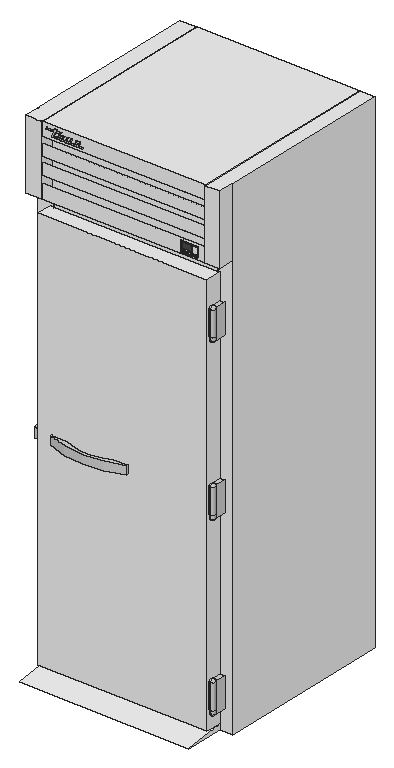
Revit family
Parameters
  Weight in Pounds = 0
  Watts = 2000 W
  Volts = 115 V
  URL Cutsheet = "www.truemfg.com"
  URL = "www.truemfg.com"
  Type Mark [instance] = ""
  Type Comments = ""
  Status [instance] = ""
  Specification by User [instance] = ""
  Specification by Manufacturer = ""
  Show Logo [instance] = yes
  Show Clearance [instance] = yes
  Serial Number = ""
  Seismic Rating = ""
  SMACNA No = ""
  Revision Code [instance] = ""
  Phase = 1
  Omniclass Number and Title = ""
  Number of Poles [instance] = 1
  NAFEM Spec ID Number = ""
  Model = "STG1HRI89-1S"
  Min Ckt Ampacity = 0 A
  Max Overcurrent Protection = 0 A
  Masterspec = ""
  Manufacturer = "TRUE FOOD SERVICE EQUIPMENT, INC."
  Length = 35"
  Item Number [instance] = ""
  Installed By [instance] = ""
  Identify Quantity as Lot [instance] = yes
  Height = 88 3/4"
  HP = ""
  Furnished By [instance] = ""
  Foodservice Equipment Identifier [instance] = yes
  FL Amps = Watts / Volts  # 17.3913 A
  Electrical Remarks [instance] = ""
  Electric Connection Type [instance] = ""
  Elec Conn RI Height [instance] = 0"
  Elec Conn Connection Height [instance] = 0"
  Description = "Reach-in Solid Swing Door Heated Cabinet"
  Depth = 34 3/4"
  Cycle = 60 Hz
  Conn Plug = "14-20P"
  Conn Conduit = yes
  CSI MasterFormat = ""
  CSI Master Format = ""
  Apparent Power = if(Phase = 3, Volts * FL Amps * 1.73, Volts * FL Amps)  # 2000 VA
Reference planes (in)
  plane 1 "BACK": y = 0
  plane 2: z = 0
  plane 3 "LEFT": x = 0
  plane 4 "RIGHT": x = 35
  plane 5 "FRONT": y = -34.75
  plane 6 "TOP": z = 88.75
  plane 7: x = 2.84375
  plane 8: y = -34.7042
  plane 9: x = 32.15625
  plane 10: z = 73.75
Forms (in)
  Extrusion 1, solid, material "QF_Finishes_Chrome - Satin"
    sketch origin (0.05, 0, 0) x (1, 0, 0) y (0, 1, 0)
      loop
        line (-0.05, 0) -> (-0.05, -32) -> (2.87859, -32) -> (2.87859, 0) -> (-0.05, 0)
    from 0 to 88.75
  Extrusion 2, solid, material "QF_Finishes_Chrome - Satin"
    sketch origin (50.15, 0, 0) x (1, 0, 0) y (0, 1, 0)
      loop
        line (-17.85, 0) -> (-17.85, -32) -> (-15.15, -32) -> (-15.15, 0) -> (-17.85, 0)
    from 0 to 88.75
  Extrusion 3, solid, material "QF_Finishes_Chrome - Satin"
    sketch origin (0, 0, 0) x (0, 1, 0) y (0, 0, 1)
      loop
        line (-34.7042, 76.28125) -> (-32, 76.28125) -> (-32, 0) -> (0, 0) -> (0, 88.75) -> (-34.7042, 88.75) -> (-34.7042, 86.40578) -> (-32.5, 84.83852) -> (-32.5, 83.71625) -> (-34.7042, 85.28351) -> (-34.7042, 83.1498) -> (-32.5, 81.58254) -> (-32.5, 80.62178) -> (-34.7042, 82.18904) -> (-34.7042, 80.09284) -> (-32.5, 78.52557) -> (-32.5, 77.25) -> (-34.7042, 78.81726) -> (-34.7042, 76.28125)
    from 2.92859 to 32.3
  Extrusion 4, solid, material "QF_Finishes_Chrome - Satin"
    sketch origin (0, 0, 0) x (1, 0, 0) y (0, 1, 0)
      loop
        line (34.84782, -32) -> (32.3, -32) -> (32.3, -34.75) -> (34.84782, -34.75) -> (34.84782, -32)
    from 76.28125 to 88.75
  Extrusion 5, solid, material "QF_Finishes_Chrome - Satin"
    sketch origin (-50.125, 0, 0.25) x (1, 0, 0) y (0, 1, 0)
      loop
        line (53.05359, -32) -> (50.24109, -32) -> (50.24109, -34.75) -> (53.05359, -34.75) -> (53.05359, -32)
    from 76.03125 to 88.5
  Extrusion 6, solid, material "QF_Finishes_Chrome - Satin"
    sketch origin (-24.96875, -1, -0.71875) x (1, 0, 0) y (0, 0, 1)
      loop
        line (27.25, 1.71875) -> (57.65625, 1.71875) -> (57.65625, 74.46875) -> (27.25, 74.46875) -> (27.25, 1.71875)
    from 31 to 33.75
  Extrusion 7, solid, material "QF_Finishes_Handrails and Railings"
    sketch origin (58.625, -0.25, 26.43519) x (1, 0, 0) y (0, 1, 0)
      loop
        line (-53.875, -34.5) -> (-53.875, -34.7)
        arc (-53.875, -34.7) -> (-47.075, -36.14405) -> (-40.275, -34.7) r 16.7325
        line (-40.275, -34.7) -> (-40.275, -34.5) -> (-42.675, -34.5)
        arc (-42.675, -34.5) -> (-47.075, -35.65816) -> (-51.475, -34.5) r 8.93715
        line (-51.475, -34.5) -> (-53.875, -34.5)
    from 10.87731 to 12.37731
  Extrusion 8, solid, material "QF_Finishes_Handrails and Railings"
    sketch origin (-23.375, 0, -2) x (1, 0, 0) y (0, 0, 1)
      loop
        circle (26.4375, 40.0625) r 0.35
      loop
        line (26.47265, 40.33635) -> (26.41715, 40.33635) -> (26.41715, 39.76895) -> (26.47265, 39.76895) -> (26.47265, 40.33635)
    from 33.5 to 33.83066
  Extrusion 9, solid, material "QF_Finishes_Handrails and Railings", visible <- "Show Logo"
    sketch origin (0.33478, 0.06376, 5.01857) x (1, 0, 0) y (0, 0, 1)
      loop
        line (3.46044, 83.08731) -> (3.35478, 82.86073) -> (4.76027, 82.86073)
        arc (4.76027, 82.86073) -> (4.78879, 82.81028) -> (4.76027, 82.75984) r 0.05887
        line (4.76027, 82.75984) -> (4.39369, 81.97372)
        arc (4.39369, 81.97372) -> (4.39051, 81.90091) -> (4.43975, 81.84717) r 0.09523
        line (4.43975, 81.84717) -> (5.33844, 81.84717)
        arc (5.33844, 81.84717) -> (5.45192, 81.88295) -> (5.52436, 81.97735) r 0.19785
        line (5.52436, 81.97735) -> (5.81285, 82.59601) -> (6.0779, 82.59601)
        arc (6.0779, 82.59601) -> (6.14744, 82.57043) -> (6.13737, 82.49703) r 0.05911
        line (6.13737, 82.49703) -> (5.89598, 81.97937)
        arc (5.89598, 81.97937) -> (5.89974, 81.8934) -> (5.97231, 81.84717) r 0.09318
        line (5.97231, 81.84717) -> (6.76198, 81.84717)
        arc (6.76198, 81.84717) -> (6.82249, 81.86919) -> (6.85468, 81.92495) r 0.09412
        arc (6.85468, 81.92495) -> (6.87746, 81.86995) -> (6.93246, 81.84717) r 0.07778
        line (6.93246, 81.84717) -> (7.43246, 81.84717)
        arc (7.43246, 81.84717) -> (7.49022, 81.86265) -> (7.53251, 81.90493) r 0.11552
        arc (7.53251, 81.90493) -> (7.55275, 81.85606) -> (7.60162, 81.83581) r 0.06912
        line (7.60162, 81.83581) -> (8.31225, 81.83581)
        arc (8.31225, 81.83581) -> (8.37034, 81.85988) -> (8.39441, 81.91797) r 0.08216
        arc (8.39441, 81.91797) -> (8.44767, 81.86472) -> (8.52042, 81.84522) r 0.14551
        line (8.52042, 81.84522) -> (9.85158, 81.84522) -> (9.99946, 82.10134) -> (8.65678, 82.10134)
        arc (8.65678, 82.10134) -> (8.61972, 82.12704) -> (8.61834, 82.17211) r 0.05009
        line (8.61834, 82.17211) -> (8.64157, 82.22192)
        arc (8.64157, 82.22192) -> (8.67723, 82.26864) -> (8.73327, 82.28635) r 0.09747
        line (8.73327, 82.28635) -> (9.16485, 82.28635)
        arc (9.16485, 82.28635) -> (9.258, 82.31131) -> (9.32619, 82.3795) r 0.1863
        line (9.32619, 82.3795) -> (9.45119, 82.59601)
        arc (9.45119, 82.59601) -> (9.45119, 82.71157) -> (9.35111, 82.76934) r 0.11556
        line (9.35111, 82.76934) -> (8.89562, 82.76934)
        arc (8.89562, 82.76934) -> (8.7795, 82.74962) -> (8.69849, 82.66412) r 0.18605
        line (8.69849, 82.66412) -> (8.48204, 82.19993)
        arc (8.48204, 82.19993) -> (8.41815, 82.11667) -> (8.31806, 82.08511) r 0.1745
        line (8.31806, 82.08511) -> (7.84559, 82.08511)
        arc (7.84559, 82.08511) -> (7.78903, 82.14684) -> (7.79268, 82.23048) r 0.10939
        line (7.79268, 82.23048) -> (8.04395, 82.76934) -> (7.88403, 82.76934) -> (7.61781, 82.19844)
        arc (7.61781, 82.19844) -> (7.56609, 82.13103) -> (7.48505, 82.10548) r 0.14128
        line (7.48505, 82.10548) -> (7.15925, 82.10548)
        arc (7.15925, 82.10548) -> (7.10419, 82.17723) -> (7.116, 82.26689) r 0.11816
        line (7.116, 82.26689) -> (7.3503, 82.76934) -> (7.18514, 82.76934) -> (6.91546, 82.191)
        arc (6.91546, 82.191) -> (6.85285, 82.12839) -> (6.76733, 82.10548) r 0.17104
        line (6.76733, 82.10548) -> (6.29555, 82.10548)
        arc (6.29555, 82.10548) -> (6.21082, 82.14499) -> (6.20267, 82.23813) r 0.0935
        line (6.20267, 82.23813) -> (6.35774, 82.57069) -> (6.57695, 82.57069)
        arc (6.57695, 82.57069) -> (6.61395, 82.68217) -> (6.69267, 82.76934) r 0.2857
        line (6.69267, 82.76934) -> (5.83605, 82.76934)
        arc (5.83605, 82.76934) -> (5.74086, 82.74824) -> (5.67498, 82.67635) r 0.16212
        line (5.67498, 82.67635) -> (5.44279, 82.17841)
        arc (5.44279, 82.17841) -> (5.3894, 82.12502) -> (5.31647, 82.10548) r 0.14586
        line (5.31647, 82.10548) -> (4.80506, 82.10548)
        arc (4.80506, 82.10548) -> (4.76514, 82.15942) -> (4.77274, 82.22609) r 0.09155
        line (4.77274, 82.22609) -> (5.11018, 82.86073) -> (5.96155, 82.86073) -> (6.06721, 83.08731) -> (5.21584, 83.08731) -> (5.32149, 83.31388) -> (5.01862, 83.31388) -> (4.91297, 83.08731) -> (3.46044, 83.08731)
      loop
        arc (8.83805, 82.56363) -> (8.80119, 82.55375) -> (8.7742, 82.52676) r 0.07373
        line (8.7742, 82.52676) -> (8.75229, 82.45936)
        arc (8.75229, 82.45936) -> (8.76245, 82.43483) -> (8.78699, 82.42466) r 0.0347
        line (8.78699, 82.42466) -> (9.15948, 82.42466)
        arc (9.15948, 82.42466) -> (9.18632, 82.43061) -> (9.20812, 82.44734) r 0.0635
        line (9.20812, 82.44734) -> (9.22624, 82.53122)
        arc (9.22624, 82.53122) -> (9.22091, 82.55368) -> (9.20009, 82.56363) r 0.02676
        line (9.20009, 82.56363) -> (8.83805, 82.56363)
    from 34.76797 to 34.83173
  Extrusion 10, solid, material "QF_Finishes_White"
    sketch origin (-22.74812, 0.0458, -7.98362) x (1, 0, 0) y (0, 0, 1)
      loop
        line (50.81732, 86.35727) -> (50.81732, 84.60996) -> (53.72357, 84.60996) -> (53.72357, 86.35727) -> (50.81732, 86.35727)
    from 34.75 to 34.76797
  Extrusion 11, solid, material "QF_Finishes_Black"
    sketch origin (-22.74812, 0.0458, -7.98362) x (1, 0, 0) y (0, 0, 1)
      loop
        line (53.78607, 86.41977) -> (50.75482, 86.41977) -> (50.75482, 84.54746) -> (53.78607, 84.54746) -> (53.78607, 86.41977)
      loop
        spline (50.95482, 84.87872) -> (50.96333, 84.86254) -> (50.98831, 84.84747) -> (51.02804, 84.83452) -> (51.07982, 84.82459) -> (51.14011, 84.81835) -> (51.20482, 84.81622) -> (51.26952, 84.81835) -> (51.32982, 84.82459) -> (51.38159, 84.83452) -> (51.42132, 84.84747) -> (51.4463, 84.86254) -> (51.45482, 84.87872)
        spline (51.45482, 84.87872) -> (51.4463, 84.89489) -> (51.42132, 84.90997) -> (51.38159, 84.92291) -> (51.32982, 84.93284) -> (51.26952, 84.93909) -> (51.20482, 84.94122) -> (51.14011, 84.93909) -> (51.07982, 84.93284) -> (51.02804, 84.92291) -> (50.98831, 84.90997) -> (50.96333, 84.89489) -> (50.95482, 84.87872)
      loop
        spline (51.65083, 84.87872) -> (51.65935, 84.86254) -> (51.68432, 84.84747) -> (51.72405, 84.83452) -> (51.77583, 84.82459) -> (51.83612, 84.81835) -> (51.90083, 84.81622) -> (51.96553, 84.81835) -> (52.02583, 84.82459) -> (52.07761, 84.83452) -> (52.11734, 84.84747) -> (52.14231, 84.86254) -> (52.15083, 84.87872)
        spline (52.15083, 84.87872) -> (52.14231, 84.89489) -> (52.11734, 84.90997) -> (52.07761, 84.92291) -> (52.02583, 84.93284) -> (51.96553, 84.93909) -> (51.90083, 84.94122) -> (51.83612, 84.93909) -> (51.77583, 84.93284) -> (51.72405, 84.92291) -> (51.68432, 84.90997) -> (51.65935, 84.89489) -> (51.65083, 84.87872)
      loop
        spline (52.40083, 84.87872) -> (52.40935, 84.86254) -> (52.43432, 84.84747) -> (52.47405, 84.83452) -> (52.52583, 84.82459) -> (52.58612, 84.81835) -> (52.65083, 84.81622) -> (52.71553, 84.81835) -> (52.77583, 84.82459) -> (52.82761, 84.83452) -> (52.86734, 84.84747) -> (52.89231, 84.86254) -> (52.90083, 84.87872)
        spline (52.90083, 84.87872) -> (52.89231, 84.89489) -> (52.86734, 84.90997) -> (52.82761, 84.92291) -> (52.77583, 84.93284) -> (52.71553, 84.93909) -> (52.65083, 84.94122) -> (52.58612, 84.93909) -> (52.52583, 84.93284) -> (52.47405, 84.92291) -> (52.43432, 84.90997) -> (52.40935, 84.89489) -> (52.40083, 84.87872)
      loop
        line (50.95481, 86.21978) -> (50.95481, 85.21978) -> (52.65433, 85.21978) -> (52.65433, 86.21978) -> (50.95481, 86.21978)
      loop
        line (53.72357, 86.35727) -> (50.81732, 86.35727) -> (50.81732, 84.60996) -> (53.72357, 84.60996) -> (53.72357, 86.35727)
      loop
        spline (53.15083, 84.87872) -> (53.15935, 84.86254) -> (53.18432, 84.84747) -> (53.22405, 84.83452) -> (53.27583, 84.82459) -> (53.33612, 84.81835) -> (53.40083, 84.81622) -> (53.46553, 84.81835) -> (53.52583, 84.82459) -> (53.57761, 84.83452) -> (53.61734, 84.84747) -> (53.64231, 84.86254) -> (53.65083, 84.87872)
        spline (53.65083, 84.87872) -> (53.64231, 84.89489) -> (53.61734, 84.90997) -> (53.57761, 84.92291) -> (53.52583, 84.93284) -> (53.46553, 84.93909) -> (53.40083, 84.94122) -> (53.33612, 84.93909) -> (53.27583, 84.93284) -> (53.22405, 84.92291) -> (53.18432, 84.90997) -> (53.15935, 84.89489) -> (53.15083, 84.87872)
    from 34.76797 to 34.80335
  Extrusion 12, solid
    sketch origin (-25.125, 0, 0) x (1, 0, 0) y (0, 0, 1)
      loop
        circle (56.875, 86.625) r 0.25
    from 0 to 0.0625
  Blend 13, solid, material "QF_Finishes_Handrails and Railings"
    base sketch origin (27.53125, -1, 0) x (-1, 0, 0) y (0, 0, -1)
      loop
        line (25.25, -38.99169) -> (26, -38.99169) -> (26, -37.24169) -> (25.25, -37.24169) -> (25.25, -38.99169)
    top sketch origin (27.53125, 0, 0) x (-1, 0, 0) y (0, 0, -1)
      loop
        line (26.18223, -36.6441) -> (25.25, -36.6441) -> (25.25, -39.42643) -> (26.18223, -39.42643) -> (26.18223, -36.6441)
    from 33.57883 to 32
  Extrusion 14, solid, material "QF_Finishes_Handrails and Railings"
    sketch origin (33.78125, 0, 0) x (0, 1, 0) y (0, 0, -1)
      loop
        line (-32, -69.17729) -> (-32, -63.86127) -> (-34.25, -63.86127) -> (-34.25, -64.57348) -> (-33.81497, -64.57348) -> (-33.81497, -68.97276)
        arc (-33.81497, -68.97276) -> (-33.75506, -69.11738) -> (-33.61044, -69.17729) r 0.20453
        line (-33.61044, -69.17729) -> (-32, -69.17729)
    from 0.17506 to 1
  Revolve 15, solid, material "QF_Finishes_Handrails and Railings"
    sketch origin (33.28125, 0, 0) x (0, 1, 0) y (0, 0, -1)
      loop
        line (-34.26563, -64.62689) -> (-34.67229, -64.62689) -> (-34.67229, -69.0986)
        arc (-34.67229, -69.0986) -> (-34.53722, -69.35057) -> (-34.26563, -69.43983) r 0.3848
        line (-34.26563, -69.43983) -> (-34.26563, -64.62689)
      loop
        line (-34.26563, -64.57348) -> (-34.26563, -63.67281)
        arc (-34.26563, -63.67281) -> (-34.53264, -63.75883) -> (-34.67229, -64.00212) r 0.38884
        line (-34.67229, -64.00212) -> (-34.67229, -64.57348) -> (-34.26563, -64.57348)
      axis (-34.26563, -63.67281) -> (-34.26563, -69.43983)
    angle from 0 to 360
  Extrusion 16, solid, material "QF_Finishes_Handrails and Railings"
    sketch origin (27.5, -1.07734, 0.0011) x (-1, 0, 0) y (0, 0, -1)
      loop
        line (-5.58509, -69.0986) -> (-5.1875, -69.0986) -> (-5.1875, -64.62579) -> (-5.58509, -64.62579) -> (-5.58509, -69.0986)
    from 32.81497 to 33.59495
  Extrusion 17, solid, material "QF_Finishes_Handrails and Railings"
    sketch origin (33.78125, 0, -24) x (0, 1, 0) y (0, 0, -1)
      loop
        line (-32, -64.55229) -> (-32, -59.23627) -> (-34.25, -59.23627) -> (-34.25, -59.94848) -> (-33.81497, -59.94848) -> (-33.81497, -64.34776)
        arc (-33.81497, -64.34776) -> (-33.75506, -64.49238) -> (-33.61044, -64.55229) r 0.20453
        line (-33.61044, -64.55229) -> (-32, -64.55229)
    from 0.17506 to 1
  Revolve 18, solid, material "QF_Finishes_Handrails and Railings"
    sketch origin (33.28125, 0, -24) x (0, 1, 0) y (0, 0, -1)
      loop
        line (-34.26563, -60.00189) -> (-34.67229, -60.00189) -> (-34.67229, -64.4736)
        arc (-34.67229, -64.4736) -> (-34.53722, -64.72557) -> (-34.26563, -64.81483) r 0.3848
        line (-34.26563, -64.81483) -> (-34.26563, -60.00189)
      loop
        line (-34.26563, -59.94848) -> (-34.26563, -59.04781)
        arc (-34.26563, -59.04781) -> (-34.53264, -59.13383) -> (-34.67229, -59.37712) r 0.38884
        line (-34.67229, -59.37712) -> (-34.67229, -59.94848) -> (-34.26563, -59.94848)
      axis (-34.26563, -59.04781) -> (-34.26563, -64.81483)
    angle from 0 to 360
  Extrusion 19, solid, material "QF_Finishes_Handrails and Railings"
    sketch origin (27.5, -1.07734, -23.9989) x (-1, 0, 0) y (0, 0, -1)
      loop
        line (-5.58509, -64.4736) -> (-5.1875, -64.4736) -> (-5.1875, -60.00079) -> (-5.58509, -60.00079) -> (-5.58509, -64.4736)
    from 32.81497 to 33.59495
  Extrusion 20, solid, material "QF_Finishes_Handrails and Railings"
    sketch origin (33.78125, 0, -55.5) x (0, 1, 0) y (0, 0, -1)
      loop
        line (-32, -64.55229) -> (-32, -59.23627) -> (-34.25, -59.23627) -> (-34.25, -59.94848) -> (-33.81497, -59.94848) -> (-33.81497, -64.34776)
        arc (-33.81497, -64.34776) -> (-33.75506, -64.49238) -> (-33.61044, -64.55229) r 0.20453
        line (-33.61044, -64.55229) -> (-32, -64.55229)
    from 0.17506 to 1
  Revolve 21, solid, material "QF_Finishes_Handrails and Railings"
    sketch origin (33.28125, 0, -55.5) x (0, 1, 0) y (0, 0, -1)
      loop
        line (-34.26563, -60.00189) -> (-34.67229, -60.00189) -> (-34.67229, -64.4736)
        arc (-34.67229, -64.4736) -> (-34.53722, -64.72557) -> (-34.26563, -64.81483) r 0.3848
        line (-34.26563, -64.81483) -> (-34.26563, -60.00189)
      loop
        line (-34.26563, -59.94848) -> (-34.26563, -59.04781)
        arc (-34.26563, -59.04781) -> (-34.53264, -59.13383) -> (-34.67229, -59.37712) r 0.38884
        line (-34.67229, -59.37712) -> (-34.67229, -59.94848) -> (-34.26563, -59.94848)
      axis (-34.26563, -59.04781) -> (-34.26563, -64.81483)
    angle from 0 to 360
  Extrusion 22, solid, material "QF_Finishes_Handrails and Railings"
    sketch origin (27.5, -1.07734, -55.4989) x (-1, 0, 0) y (0, 0, -1)
      loop
        line (-5.58509, -64.4736) -> (-5.1875, -64.4736) -> (-5.1875, -60.00079) -> (-5.58509, -60.00079) -> (-5.58509, -64.4736)
    from 32.81497 to 33.59495
  Extrusion 23, solid, material "QF_Finishes_Door Clearance", visible <- "Show Clearance", detail levels coarse
    sketch origin (26.42841, -3.6098, 0) x (1, 0, 0) y (0, 1, 0)
      loop
        line (6.32159, -31.1402) -> (-24.14716, -31.1402)
        arc (-24.14716, -31.1402) -> (-15.22307, -52.68486) -> (6.32159, -61.60895) r 30.46875
        line (6.32159, -61.60895) -> (6.32159, -31.1402)
    from 1 to 73.75
  Extrusion 24, solid, material "QF_Finishes_Chrome - Satin"
    sketch origin (32.6875, -1, 1) x (0, 0, 1) y (0, -1, 0)
      loop
        line (-1, 37.875) -> (-1, 31) -> (0, 31) -> (-1, 37.875)
    from 0 to -30.40625
Cuts and joins
  joined: Extrusion 1, Extrusion 2, Extrusion 4, Extrusion 5
Lines and regions (in)
  symbolic lines
    curve 1: line (0, 0, 0) -> (35, 0, 0)
    curve 2: line (0, -34.75, 0) -> (0, 0, 0)
    curve 3: line (35, -34.75, 0) -> (0, -34.75, 0)
    curve 4: line (35, 0, 0) -> (35, -34.75, 0)
    curve 5: line (35, -32.5, 0) -> (0, -32.5, 0)
    curve 6: arc (15.95746, -34.75, 0) -> (11.55746, -35.90816, 0) -> (7.15746, -34.75, 0) r 8.93715
    curve 7: arc (4.75746, -34.95, 0) -> (11.55746, -36.39405, 0) -> (18.35746, -34.95, 0) r 16.7325
    curve 8: line (4.75746, -34.75, 0) -> (4.75746, -34.95, 0)
    curve 9: line (18.35746, -34.95, 0) -> (18.35746, -34.75, 0)
  symbolic lines, style "QF-Door Swings", visible <- "Show Clearance", detail levels coarse
    curve 10: line (32.75, -34.75, 0) -> (32.75, -65.21875, 0)
    curve 11: arc (32.75, -65.21875, 0) -> (11.20534, -56.29466, 0) -> (2.28125, -34.75, 0) r 30.46875
Dimensions and locks (in)
  "Depth": plane 5 "FRONT" to plane 1 "BACK"
  "Height": plane 6 "TOP" to level
  Extrusion 6 sketch curve to Extrusion 6 sketch curve = 30 13/32"
  Extrusion 6 to plane 1 "BACK" = 34 3/4"
  "Length": plane 3 "LEFT" to plane 4 "RIGHT"
  plane 4 "RIGHT" to plane 3 "LEFT" = 35"
  plane 10 to level = 73 3/4"
  aligned and locked: level to plane 2
  aligned and locked: plane 6 "TOP" to cut or joined group of Extrusion 1, Extrusion 2, Extrusion 4, Extrusion 5
Automatic sketch dimensions
  Extrusion 1 sketch curve to plane 3 "LEFT" = 0"
  plane 1 "BACK" to Extrusion 1 sketch curve = 0"
  Extrusion 1 sketch curve to Extrusion 1 sketch curve = 2.92859"
  Extrusion 1 sketch curve to plane 5 "FRONT" = 2 3/4"
  plane 1 "BACK" to Extrusion 2 sketch curve = 0"
  Extrusion 2 sketch curve to plane 4 "RIGHT" = 0"
  Extrusion 2 sketch curve to plane 5 "FRONT" = 2 3/4"
  plane 5 "FRONT" to Extrusion 4 sketch curve = 0"
  Extrusion 4 sketch curve to plane 4 "RIGHT" = 0.15218"
  Extrusion 4 sketch curve to plane 5 "FRONT" = 2 3/4"
  plane 5 "FRONT" to Extrusion 5 sketch curve = 0"
  plane 3 "LEFT" to Extrusion 5 sketch curve = 0.11609"
  Extrusion 5 sketch curve to Extrusion 5 sketch curve = 2 13/16"
  Extrusion 5 sketch curve to plane 5 "FRONT" = 2 3/4"
  plane 5 "FRONT" to Extrusion 7 sketch curve = 0"  (x2)
  Extrusion 7 sketch curve to Extrusion 7 sketch curve = 2.4"  (x2)
  Extrusion 7 sketch curve to Extrusion 7 sketch curve = 4.4"
  Extrusion 7 sketch curve to Extrusion 7 sketch curve = 0"
  Extrusion 7 sketch curve to Extrusion 7 sketch curve = 0.2"
  Extrusion 7 sketch curve to plane 5 "FRONT" = 7.77899"
  Extrusion 7 sketch curve to Extrusion 7 sketch curve = 7.30945"
  Extrusion 8 sketch curve to Extrusion 8 sketch curve = 0.02035"
  Extrusion 8 sketch curve to Extrusion 8 sketch curve = 0.0555"
  Extrusion 8 sketch curve to Extrusion 8 sketch curve = 0.29355"
  Extrusion 8 sketch curve to Extrusion 8 sketch curve = 0.27385"
  plane 3 "LEFT" to Extrusion 9 sketch curve = 3.68957"
  Extrusion 9 sketch curve to Extrusion 9 sketch curve = 0.10565"  (x5)
  Extrusion 9 sketch curve to Extrusion 9 sketch curve = 1.03891"
  Extrusion 9 sketch curve to Extrusion 9 sketch curve = 0.04606"
  Extrusion 9 sketch curve to Extrusion 9 sketch curve = 0.04025"
  Extrusion 9 sketch curve to Extrusion 9 sketch curve = 0.33624"
  Extrusion 9 sketch curve to Extrusion 9 sketch curve = 0.03034"  (x2)
  Extrusion 9 sketch curve to Extrusion 9 sketch curve = 0.29274"
  Extrusion 9 sketch curve to Extrusion 9 sketch curve = 0.03232"
  Extrusion 9 sketch curve to Extrusion 9 sketch curve = 0.08083"
  Extrusion 9 sketch curve to Extrusion 9 sketch curve = 0.1527"
  Extrusion 9 sketch curve to Extrusion 9 sketch curve = 0.19721"
  Extrusion 9 sketch curve to Extrusion 9 sketch curve = 0.4629"
  Extrusion 9 sketch curve to Extrusion 9 sketch curve = 0.02197"
  Extrusion 9 sketch curve to Extrusion 9 sketch curve = 0.12632"
  Extrusion 9 sketch curve to Extrusion 9 sketch curve = 0.18591"
  Extrusion 9 sketch curve to Extrusion 9 sketch curve = 0.2322"
  Extrusion 9 sketch curve to Extrusion 9 sketch curve = 0.13786"
  Extrusion 9 sketch curve to Extrusion 9 sketch curve = 0.00907"
  Extrusion 9 sketch curve to Extrusion 9 sketch curve = 0.01413"
  Extrusion 9 sketch curve to Extrusion 9 sketch curve = 0.37162"
  Extrusion 9 sketch curve to Extrusion 9 sketch curve = 0.12551"
  Extrusion 9 sketch curve to Extrusion 9 sketch curve = 0.07633"
  Extrusion 9 sketch curve to Extrusion 9 sketch curve = 0.08445"
  Extrusion 9 sketch curve to Extrusion 9 sketch curve = 0.25598"
  Extrusion 9 sketch curve to Extrusion 9 sketch curve = 0.01887"
  Extrusion 9 sketch curve to Extrusion 9 sketch curve = 0.04061"
  Extrusion 9 sketch curve to Extrusion 9 sketch curve = 0.0653"
  Extrusion 9 sketch curve to Extrusion 9 sketch curve = 0.08474"
  Extrusion 9 sketch curve to Extrusion 9 sketch curve = 0.00815"
  Extrusion 9 sketch curve to Extrusion 9 sketch curve = 0.22037"
  Extrusion 9 sketch curve to Extrusion 9 sketch curve = 0.21921"
  Extrusion 9 sketch curve to Extrusion 9 sketch curve = 0.11572"
  Extrusion 9 sketch curve to Extrusion 9 sketch curve = 0.46643"
  Extrusion 9 sketch curve to Extrusion 9 sketch curve = 0.00535"
  Extrusion 9 sketch curve to Extrusion 9 sketch curve = 0.09269"
  Extrusion 9 sketch curve to Extrusion 9 sketch curve = 0.09348"
  Extrusion 9 sketch curve to Extrusion 9 sketch curve = 0.14812"
  Extrusion 9 sketch curve to Extrusion 9 sketch curve = 0.07778"  (x3)
  Extrusion 9 sketch curve to Extrusion 9 sketch curve = 0.20054"
  Extrusion 9 sketch curve to Extrusion 9 sketch curve = 0.04325"
  Extrusion 9 sketch curve to Extrusion 9 sketch curve = 0.32433"
  Extrusion 9 sketch curve to Extrusion 9 sketch curve = 0.10233"  (x2)
  Extrusion 9 sketch curve to Extrusion 9 sketch curve = 0.16515"
  Extrusion 9 sketch curve to Extrusion 9 sketch curve = 0.27321"
  Extrusion 9 sketch curve to Extrusion 9 sketch curve = 0.0526"
  Extrusion 9 sketch curve to Extrusion 9 sketch curve = 0.10005"
  Extrusion 9 sketch curve to Extrusion 9 sketch curve = 0.06912"
  Extrusion 9 sketch curve to Extrusion 9 sketch curve = 0.13276"
  Extrusion 9 sketch curve to Extrusion 9 sketch curve = 0.17486"
  Extrusion 9 sketch curve to Extrusion 9 sketch curve = 0.05291"
  Extrusion 9 sketch curve to Extrusion 9 sketch curve = 0.53374"
  Extrusion 9 sketch curve to Extrusion 9 sketch curve = 0.09914"  (x2)
  Extrusion 9 sketch curve to Extrusion 9 sketch curve = 0.15992"
  Extrusion 9 sketch curve to Extrusion 9 sketch curve = 0.46666"
  Extrusion 9 sketch curve to Extrusion 9 sketch curve = 0.00582"
  Extrusion 9 sketch curve to Extrusion 9 sketch curve = 0.08216"
  Extrusion 9 sketch curve to Extrusion 9 sketch curve = 0.16397"
  Extrusion 9 sketch curve to Extrusion 9 sketch curve = 0.12601"
  Extrusion 9 sketch curve to Extrusion 9 sketch curve = 0.1363"
  Extrusion 9 sketch curve to Extrusion 9 sketch curve = 0.02323"
  Extrusion 9 sketch curve to Extrusion 9 sketch curve = 0.03844"
  Extrusion 9 sketch curve to Extrusion 9 sketch curve = 0.0454"
  Extrusion 9 sketch curve to Extrusion 9 sketch curve = 0.05693"
  Extrusion 9 sketch curve to Extrusion 9 sketch curve = 0.0917"
  Extrusion 9 sketch curve to Extrusion 9 sketch curve = 0.01902"
  Extrusion 9 sketch curve to Extrusion 9 sketch curve = 0.02191"
  Extrusion 9 sketch curve to Extrusion 9 sketch curve = 0.0347"
  Extrusion 9 sketch curve to Extrusion 9 sketch curve = 0.06385"
  Extrusion 9 sketch curve to Extrusion 9 sketch curve = 0.02906"
  Extrusion 9 sketch curve to Extrusion 9 sketch curve = 0.02851"
  Extrusion 9 sketch curve to Extrusion 9 sketch curve = 0.29237"
  Extrusion 9 sketch curve to Extrusion 9 sketch curve = 0.00537"
  Extrusion 9 sketch curve to Extrusion 9 sketch curve = 0.0406"
  Extrusion 9 sketch curve to Extrusion 9 sketch curve = 0.04327"
  Extrusion 9 sketch curve to Extrusion 9 sketch curve = 0.02615"
  Extrusion 9 sketch curve to Extrusion 9 sketch curve = 0.11806"
  Extrusion 9 sketch curve to Extrusion 9 sketch curve = 0.15103"
  Extrusion 9 sketch curve to Extrusion 9 sketch curve = 0.10007"
  Extrusion 9 sketch curve to Extrusion 9 sketch curve = 0.5254"
  Extrusion 9 sketch curve to Extrusion 9 sketch curve = 0.14787"
  Extrusion 9 sketch curve to plane 6 "TOP" = 1.89562"
  Extrusion 9 sketch curve to Extrusion 9 sketch curve = 0.07275"
  Extrusion 9 sketch curve to Extrusion 9 sketch curve = 0.05776"
  Extrusion 9 sketch curve to Extrusion 9 sketch curve = 0.08631"
  Extrusion 9 sketch curve to Extrusion 9 sketch curve = 0.09282"
  Extrusion 9 sketch curve to Extrusion 9 sketch curve = 0.13018"
  Extrusion 9 sketch curve to Extrusion 9 sketch curve = 0.16714"
  Extrusion 9 sketch curve to Extrusion 9 sketch curve = 0.11061"
  Extrusion 9 sketch curve to Extrusion 9 sketch curve = 0.06046"
  Extrusion 9 sketch curve to Extrusion 9 sketch curve = 0.16548"
  Extrusion 9 sketch curve to Extrusion 9 sketch curve = 0.14279"
  Extrusion 9 sketch curve to Extrusion 9 sketch curve = 0.0496"
  Extrusion 9 sketch curve to Extrusion 9 sketch curve = 0.07293"
  Extrusion 9 sketch curve to Extrusion 9 sketch curve = 0.07764"
  Extrusion 9 sketch curve to Extrusion 9 sketch curve = 0.03794"
  Extrusion 9 sketch curve to Extrusion 9 sketch curve = 0.08552"
  Extrusion 9 sketch curve to Extrusion 9 sketch curve = 0.09296"
  Extrusion 9 sketch curve to Extrusion 9 sketch curve = 0.09314"
  Extrusion 9 sketch curve to Extrusion 9 sketch curve = 0.02781"
  Extrusion 9 sketch curve to Extrusion 9 sketch curve = 0.04981"
  Extrusion 9 sketch curve to Extrusion 9 sketch curve = 0.09315"
  Extrusion 9 sketch curve to Extrusion 9 sketch curve = 0.04799"
  Extrusion 9 sketch curve to Extrusion 9 sketch curve = 0.02531"
  Extrusion 9 sketch curve to Extrusion 9 sketch curve = 0.03054"
  Extrusion 9 sketch curve to Extrusion 9 sketch curve = 0.2589"
  Extrusion 9 sketch curve to Extrusion 9 sketch curve = 0.0674"
  Extrusion 9 sketch curve to Extrusion 9 sketch curve = 0.0324"
  Extrusion 9 sketch curve to Extrusion 9 sketch curve = 0.26185"
  Extrusion 9 sketch curve to Extrusion 9 sketch curve = 11/256"
  Extrusion 9 sketch curve to Extrusion 9 sketch curve = 0.07366"
  Extrusion 9 sketch curve to Extrusion 9 sketch curve = 0.02187"
  Extrusion 9 sketch curve to Extrusion 9 sketch curve = 0.06479"
  Extrusion 9 sketch curve to Extrusion 9 sketch curve = 0.01183"
  Extrusion 9 sketch curve to Extrusion 9 sketch curve = 0.05778"
  Extrusion 9 sketch curve to Extrusion 9 sketch curve = 0.53375"
  Extrusion 9 sketch curve to Extrusion 9 sketch curve = 0.23098"
  Extrusion 9 sketch curve to Extrusion 9 sketch curve = 0"
  Extrusion 9 sketch curve to Extrusion 9 sketch curve = 0.05045"
  Extrusion 9 sketch curve to Extrusion 9 sketch curve = 0.09139"
  Extrusion 9 sketch curve to Extrusion 9 sketch curve = 29/128"  (x3)
  Extrusion 12 sketch curve to plane 6 "TOP" = 2 1/8"
  Blend 13 sketch curve to Blend 13 sketch curve = 1 3/4"
  Blend 13 sketch curve to Blend 13 sketch curve = 2.78233"
  Extrusion 14 sketch curve to plane 5 "FRONT" = 1/2"
  Extrusion 14 sketch curve to Extrusion 14 sketch curve = 0.43503"
  Extrusion 14 sketch curve to Extrusion 14 sketch curve = 0.20453"
  Extrusion 14 sketch curve to Extrusion 14 sketch curve = 1.61044"
  Extrusion 14 sketch curve to plane 6 "TOP" = 19.57271"
  Extrusion 14 sketch curve to Extrusion 14 sketch curve = 4.39928"
  Extrusion 14 sketch curve to Extrusion 14 sketch curve = 0.71221"
  Revolve 15 sketch curve to plane 5 "FRONT" = 0.07771"  (x2)
  Revolve 15 sketch curve to Revolve 15 sketch curve = 0.38242"
  Revolve 15 sketch curve to Revolve 15 sketch curve = 0.38436"
  Revolve 15 sketch curve to plane 5 "FRONT" = 31/64"
  Revolve 15 sketch curve to Revolve 15 sketch curve = 0.40666"
  Revolve 15 sketch curve to Revolve 15 sketch curve = 0"
  Revolve 15 sketch curve to plane 6 "TOP" = 18.75492"
  Revolve 15 sketch curve to Revolve 15 sketch curve = 0.55526"
  Revolve 15 sketch curve to Revolve 15 sketch curve = 0.19474"
  Revolve 15 sketch curve to Revolve 15 sketch curve = 0.14649"
  Revolve 15 sketch curve to Revolve 15 sketch curve = 4.42889"
  Revolve 15 sketch curve to Revolve 15 sketch curve = 0.05342"
  Revolve 15 sketch curve to Revolve 15 sketch curve = 0.51246"
  Revolve 15 sketch curve to Revolve 15 sketch curve = 0.05889"
  Extrusion 16 sketch curve to Extrusion 16 sketch curve = 0.39759"
  Extrusion 16 sketch curve to plane 6 "TOP" = 19.6503"
  Extrusion 16 sketch curve to Extrusion 16 sketch curve = 4.47281"
  Extrusion 17 sketch curve to plane 5 "FRONT" = 1/2"
  Extrusion 17 sketch curve to Extrusion 17 sketch curve = 0.43503"
  Extrusion 17 sketch curve to Extrusion 17 sketch curve = 0.20453"
  Extrusion 17 sketch curve to Extrusion 17 sketch curve = 1.61044"
  Extrusion 17 sketch curve to Extrusion 17 sketch curve = 4.39928"
  Extrusion 17 sketch curve to Extrusion 17 sketch curve = 0.71221"
  Revolve 18 sketch curve to plane 5 "FRONT" = 0.07771"  (x2)
  Revolve 18 sketch curve to Revolve 18 sketch curve = 0.38242"
  Revolve 18 sketch curve to Revolve 18 sketch curve = 0.38436"
  Revolve 18 sketch curve to plane 5 "FRONT" = 31/64"
  Revolve 18 sketch curve to Revolve 18 sketch curve = 0.40666"
  Revolve 18 sketch curve to Revolve 18 sketch curve = 0"
  Revolve 18 sketch curve to Revolve 18 sketch curve = 0.55526"
  Revolve 18 sketch curve to Revolve 18 sketch curve = 0.19474"
  Revolve 18 sketch curve to Revolve 18 sketch curve = 0.14649"
  Revolve 18 sketch curve to Revolve 18 sketch curve = 4.42889"
  Revolve 18 sketch curve to Revolve 18 sketch curve = 0.05342"
  Revolve 18 sketch curve to Revolve 18 sketch curve = 0.51246"
  Revolve 18 sketch curve to Revolve 18 sketch curve = 0.05889"
  Extrusion 19 sketch curve to Extrusion 19 sketch curve = 0.39759"
  Extrusion 19 sketch curve to Extrusion 19 sketch curve = 4.47281"
  Extrusion 20 sketch curve to plane 5 "FRONT" = 1/2"
  Extrusion 20 sketch curve to Extrusion 20 sketch curve = 0.43503"
  Extrusion 20 sketch curve to Extrusion 20 sketch curve = 0.20453"
  Extrusion 20 sketch curve to Extrusion 20 sketch curve = 1.61044"
  Extrusion 20 sketch curve to Extrusion 20 sketch curve = 0.71221"
  Revolve 21 sketch curve to plane 5 "FRONT" = 0.07771"  (x2)
  Revolve 21 sketch curve to Revolve 21 sketch curve = 0.38242"
  Revolve 21 sketch curve to Revolve 21 sketch curve = 0.38436"
  Revolve 21 sketch curve to plane 5 "FRONT" = 31/64"
  Revolve 21 sketch curve to Revolve 21 sketch curve = 0.40666"
  Revolve 21 sketch curve to Revolve 21 sketch curve = 0"
  Revolve 21 sketch curve to Revolve 21 sketch curve = 0.55526"
  Revolve 21 sketch curve to Revolve 21 sketch curve = 0.19474"
  Revolve 21 sketch curve to Revolve 21 sketch curve = 0.14649"
  Revolve 21 sketch curve to Revolve 21 sketch curve = 0.05342"
  Revolve 21 sketch curve to Revolve 21 sketch curve = 0.51246"
  Revolve 21 sketch curve to Revolve 21 sketch curve = 0.05889"
  Extrusion 22 sketch curve to Extrusion 22 sketch curve = 0.39759"
  Extrusion 3 sketch curve to plane 8 = 0"  (x4)
  Extrusion 3 sketch curve to plane 6 "TOP" = 0"
  plane 8 to Extrusion 3 sketch curve = 2.2042"  (x2)
  Extrusion 3 sketch curve to Extrusion 3 sketch curve = 0"
  Extrusion 3 sketch curve to Extrusion 3 sketch curve = 1/2"
  plane 1 "BACK" to Extrusion 3 sketch curve = 0"
  Extrusion 3 sketch curve to plane 6 "TOP" = 2.34422"
  Extrusion 3 sketch curve to Extrusion 3 sketch curve = 1.12227"  (x2)
  Extrusion 3 sketch curve to Extrusion 3 sketch curve = 0.445"
  Extrusion 3 sketch curve to Extrusion 3 sketch curve = 2.13371"  (x2)
  Extrusion 3 sketch curve to Extrusion 3 sketch curve = 0.96076"  (x2)
  Extrusion 3 sketch curve to Extrusion 3 sketch curve = 2.0962"  (x2)
  Extrusion 3 sketch curve to Extrusion 3 sketch curve = 1.27557"  (x2)
  Extrusion 3 sketch curve to Extrusion 3 sketch curve = 31/32"
  Blend 13 sketch curve to Blend 13 sketch curve = 3/4"
  Blend 13 sketch curve to Blend 13 sketch curve = 0.93223"
  Extrusion 2 sketch curve to plane 4 "RIGHT" = 2.7"
  Extrusion 4 sketch curve to Extrusion 4 sketch curve = 2.54782"
  plane 7 to Extrusion 7 sketch curve = 1 29/32"
  plane 7 to Extrusion 8 sketch curve = 0.1984"
  Extrusion 12 sketch curve to plane 4 "RIGHT" = 3 1/4"
  Blend 13 sketch curve to plane 7 = 9/16"
  plane 7 to Blend 13 sketch curve = 9/16"
  Extrusion 16 sketch curve to plane 4 "RIGHT" = 1.91491"
  Extrusion 19 sketch curve to plane 4 "RIGHT" = 1.91491"
  Extrusion 22 sketch curve to plane 4 "RIGHT" = 1.91491"
  Extrusion 11 sketch curve to Extrusion 11 sketch curve = 1/4"  (x4)
  Extrusion 11 sketch curve to Extrusion 11 sketch curve = 0.4965"
  Extrusion 11 sketch curve to Extrusion 11 sketch curve = 0.0035"
  Extrusion 11 sketch curve to Extrusion 11 sketch curve = 1/2"
  Extrusion 11 sketch curve to Extrusion 11 sketch curve = 0.44601"
  Extrusion 11 sketch curve to Extrusion 11 sketch curve = 0"  (x3)
  Extrusion 11 sketch curve to Extrusion 11 sketch curve = 0.1375"  (x2)
  Extrusion 11 sketch curve to Extrusion 11 sketch curve = 1/16"  (x4)
  Extrusion 11 sketch curve to plane 6 "TOP" = 12.18616"
  Extrusion 11 sketch curve to Extrusion 11 sketch curve = 0.26876"  (x2)
  Extrusion 11 sketch curve to Extrusion 11 sketch curve = 0.34106"
  Extrusion 11 sketch curve to plane 6 "TOP" = 10.51384"
  Extrusion 10 sketch curve to plane 6 "TOP" = 10.37634"
  Extrusion 10 sketch curve to Extrusion 10 sketch curve = 1.74732"
  Extrusion 10 sketch curve to plane 4 "RIGHT" = 6.9308"
  Extrusion 10 sketch curve to Extrusion 10 sketch curve = 2 29/32"
  Extrusion 11 sketch curve to plane 4 "RIGHT" = 6.9933"
  Extrusion 11 sketch curve to Extrusion 11 sketch curve = 1.06923"
  Extrusion 6 sketch curve to plane 7 = 9/16"
  Extrusion 6 sketch curve to plane 6 "TOP" = 15"
  plane 5 "FRONT" to Extrusion 23 sketch curve = 0"
  Extrusion 23 sketch curve to plane 7 = 9/16"
  Extrusion 23 sketch curve to plane 4 "RIGHT" = 2 1/4"
  plane 1 "BACK" to curve 1 = 0"
  curve 1 to plane 3 "LEFT" = 0"
  plane 5 "FRONT" to curve 11 = 0"
  curve 3 to plane 4 "RIGHT" = 0"
  curve 11 to plane 7 = 9/16"
  plane 7 to curve 8 = 1.91371"
  curve 8 to curve 6 = 2.4"
  curve 7 to curve 6 = 0"
  curve 6 to curve 9 = 2.4"
  curve 11 to plane 4 "RIGHT" = 2 1/4"
  curve 9 to curve 9 = 0.2"
  curve 5 to plane 5 "FRONT" = 2 1/4"
  curve 6 to curve 7 = 7.30945"
  level to Extrusion 3 sketch curve = 0"
  level to Extrusion 6 sketch curve = 1"
  level to Extrusion 8 sketch curve = 37.76895"
  level to Blend 13 sketch curve = 38.99169"
  Blend 13 sketch curve to level = 36.6441"
  level to Extrusion 17 sketch curve = 40.55229"
  level to Revolve 18 sketch curve = 41.37008"
  level to Extrusion 19 sketch curve = 40.4747"
  level to Extrusion 20 sketch curve = 9.05229"
  Extrusion 20 sketch curve to Extrusion 20 sketch curve = 4.39928"
  level to Revolve 21 sketch curve = 9.87008"
  Revolve 21 sketch curve to Revolve 21 sketch curve = 4.42889"
  level to Extrusion 22 sketch curve = 8.9747"
  Extrusion 22 sketch curve to Extrusion 22 sketch curve = 4.47281"
  Extrusion 24 sketch curve to Extrusion 6 = 0"
  Extrusion 6 to Extrusion 24 sketch curve = 0"
  Extrusion 24 sketch curve to Extrusion 24 sketch curve = 1"
  Extrusion 24 sketch curve to Extrusion 6 = 4 1/8"
  plane 7 to curve 7 = 8.71371"
  curve 6 to plane 5 "FRONT" = 7.77899"
  radius of Extrusion 8 sketch curve = 0.35"
  radius of Extrusion 12 sketch curve = 1/4"
Connectors (in)
  electrical at (31.75, -0.0625, 86.625), driven by "Volts", driven by "Watts"
    settings: on Extrusion 12, index 1, voltage 115 V, apparent load 2000 VA, apparent load phase1 0 VA, apparent load phase2 0 VA, apparent load phase3 0 VA, power factor 1, load classification "Other", number of poles 1, system type 30, power factor state 1, is connector primary yes, connector utility no, sub classification motor no, connector description "Electrical Connection"
